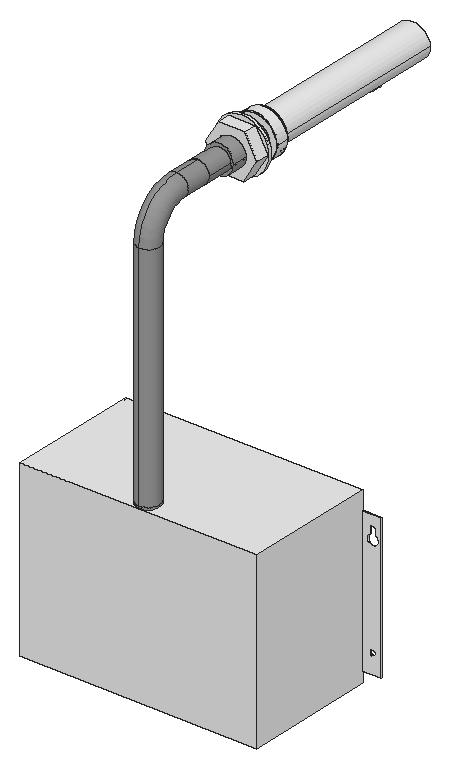
Revit family "DAN DRYER AIRTAP WALL-MOUNTED HAND DRYER TOUCH-LESS 372", category Electrical Fixtures, host Wall, Revit 2018
Family settings
  Host = Wall
  Maintain Annotation Orientation = No
  Round Connector Dimension = Use Diameter
  Part Type = Normal
  OmniClass Number = 23.80.00.00
  OmniClass Title = Electric Power and Lighting
  Always vertical = Yes
  Cut with Voids When Loaded = No
  Shared = No
  Room Calculation Point = No
Parameters (values of type "AirTap Wall-mounted 372")
  Wall_thickness [instance] = 0' - 0.59055"
  URL = "https://www.dandryer.com/en-us/products/dan-dryer-taps/372-airtap-wall-mounted-hand-dryer--touch-less"
  Satin stainless steel = DD_Satin Stainless Steel
  Red ring = DD_Red highlight
  Offset washer/nut [instance] = if(Wall_thickness < 0' 0.3937", 0' 0.3937", if(Wall_thickness > 0' 1.1811", 0' 1.1811", Wall_thickness))  # 0' - 0.59055"
  Model = "DAN DRYER AIRTAP WALL-MOUNTED HAND DRYER TOUCH-LESS 372"
  Manufacturer = "https://www.dandryer.com/"
  Height_outlet [instance] = 3' - 9.27559"
  Engine_top [instance] = Height_outlet - 0' 11.81102"  # 2' - 9.46457"
  Black = DD_Black
  Airpipe = DD_White plastic
Reference planes (in)
  plane 1: y = 0
  plane 2 "Center (Left/Right)": x = 4.92126
  plane 3 "Back": y = 0.29528
Forms (in)
  Sweep 1, solid, material "DD_White plastic" <- "Airpipe"
    path origin (4.92126, 0, 0) x (0, 1, 0) y (0, 0, 1)
      loop
        line (-5.57643, 33.55684) -> (-5.57643, 43.70079)
        arc (-5.57643, 43.70079) -> (-5.11518, 44.81434) -> (-4.00163, 45.27559) r 1.5748
        line (-4.00163, 45.27559) -> (-2.85433, 45.27559)
    profile origin (4.92126, -5.57643, 38.62881) x (0, -1, 0) y (1, 0, 0)
      loop
        circle (0, 0) r 0.49213
Lines and regions (in)
  model lines, style "InvisibleLines"
    curve 1: line (4.92126, 0.29528, 0) -> (6.49606, 0.29528, 0)
Text (in)
  text "Placement side" at (-73.51122, 43.96769, 0), in view "Ref. Level"
  text "Placement side" at (0, 50.01998, 118.18238), in view "Left"
  text "Placement side" at (0, 20.89812, 118.09787), in view "Right"
Dimensions and locks (in)
  locked: plane 3 "Back" to host wall
  "Wall_thickness": host wall to host wall
  "Engine_top": nested 1 to level
  radius of Sweep 1 sketch curve = 0' - 1.5748"
  aligned and locked: plane 1 to host wall
  aligned and locked: plane 2 "Center (Left/Right)" to nested 1
  aligned and locked: nested 1 to host wall
  aligned and locked: nested 2 to plane 2 "Center (Left/Right)"
  aligned and locked: nested 1 to Sweep 1 sketch curve
  aligned and locked: nested 2 to Sweep 1 sketch curve  (x2)
  aligned and locked: Sweep 1 sketch curve to nested 1
Automatic sketch dimensions
  Sweep 1 sketch curve to plane 2 "Center (Left/Right)" = 0' - 0"
  Sweep 1 sketch curve to profile plane = 0' - 0"
  curve 1 to level = 0' - 0"
  curve 1 to plane 2 "Center (Left/Right)" = 0' - 0"
  plane 2 "Center (Left/Right)" to curve 1 = 0' - 1.5748"
  radius of Sweep 1 sketch curve = 0' - 0.49213"
Nested families (in)
  nested 1: "Enginebox" at (4.92126, -0.29528, 30.05906) x (1, 0, 0) z (0, -1, 0), type "Enginebox"
  nested 2: "Airflow" at (4.92126, 0.29528, 45.27559) x (-1, 0, 0) z (0, 1, 0), Offset <- "Offset washer/nut", built-in parameter 1001360 <- "Height_outlet", type "Airflow"
    with Offset 0' - 0.59055"
Connectors (in)
  electrical at (9.01575, -0.29528, 30.66929)
    settings: on nested 1, index 1, voltage 230 V, apparent load 0 VA, apparent load phase1 1000 VA, apparent load phase2 0 VA, apparent load phase3 0 VA, power factor 1, load classification "Other", number of poles 1, system type 31, power factor state 1, is connector primary yes, connector utility no, sub classification motor no, connector description ""
  electrical at (9.6063, -0.68898, 25.86614)
    settings: on nested 1, index 2, voltage 230 V, apparent load 0 VA, apparent load phase1 1000 VA, apparent load phase2 0 VA, apparent load phase3 0 VA, power factor 1, load classification "Other", number of poles 1, system type 31, power factor state 1, is connector primary no, connector utility no, sub classification motor no, connector description ""
Definition of nested family "Enginebox"
  Parameters (values of type "Enginebox")
    Intake = none
    Engine_Shield = none
    Default Elevation = 4' - 0"
    Airpipe = none
  Reference planes (in)
    plane 1 "Center (Front/Back)": y = 0
    plane 2: z = 0
    plane 3 "Center (Left/Right)": x = 0
    plane 4: y = 2.06693
    plane 5: y = -2.81496
    plane 6: x = -5.68898
    plane 7: x = 5.68898
    plane 8: x = 4.09449
    plane 9: y = 0.61024
    plane 10: x = 4.09449
    plane 11: y = 0.61024
    plane 12: z = 0.3937
    plane 13: x = 4.68504
  Forms (in)
    Extrusion 1, solid
      sketch origin (0, 0, 0) x (1, 0, 0) y (0, 1, 0)
        loop
          line (-48, 48) -> (-48, -48) -> (48, -48) -> (48, 48) -> (-48, 48)
      from 0 to -12
    Extrusion 2, solid, material <- "Engine_Shield"
      sketch origin (0, 0, 0) x (1, 0, 0) y (0, 1, 0)
        loop
          line (-5.19685, 3.40551) -> (-5.19685, -4.19291) -> (5.19685, -4.19291) -> (5.19685, 3.40551) -> (-5.19685, 3.40551)
      from 0 to 5.82677
    Extrusion 3, solid, material <- "Engine_Shield"
      sketch origin (0, 0, 0) x (1, 0, 0) y (0, 1, 0)
        loop
          line (-6.02362, 2.61565) -> (-6.02362, -3.68357) -> (6.02362, -3.68357) -> (6.02362, 2.61565) -> (-6.02362, 2.61565)
        loop
          circle (-5.68898, -2.81496) r 0.11811
        loop
          arc (-5.57094, 2.07106) -> (-5.69104, 2.18502) -> (-5.80709, 2.06693) r 0.11811
          line (-5.80709, 2.06693) -> (-5.80709, 1.8362)
          arc (-5.80709, 1.8362) -> (-5.68893, 1.3954) -> (-5.57094, 1.83624) r 0.23622
          line (-5.57094, 1.83624) -> (-5.57094, 2.07106)
        loop
          arc (5.80709, 2.06693) -> (5.68898, 2.18504) -> (5.57087, 2.06693) r 0.11811
          line (5.57087, 2.06693) -> (5.57087, 1.8362)
          arc (5.57087, 1.8362) -> (5.68898, 1.3954) -> (5.80709, 1.8362) r 0.23622
          line (5.80709, 1.8362) -> (5.80709, 2.06693)
        loop
          circle (5.68898, -2.81496) r 0.11811
        loop
          circle (4.09449, 0.61024) r 0.31496
      from 0 to 0.03937
    Extrusion 4, void
      sketch origin (0, 0, 0) x (1, 0, 0) y (0, 1, 0)
        loop
          line (-5.15748, 3.36614) -> (-5.15748, -4.15354) -> (5.15748, -4.15354) -> (5.15748, 3.36614) -> (-5.15748, 3.36614)
      from 0 to 5.7874
    Extrusion 5, void
      sketch origin (0, 0, 0) x (1, 0, 0) y (0, 0, 1)
        loop
          circle (2.13723, 2.61913) r 2.3622
      from 0 to 19.68504
    Extrusion 6, solid, material <- "Intake"
      sketch origin (0, 0, 0) x (1, 0, 0) y (0, 0, 1)
        loop
          circle (2.13723, 2.61913) r 2.3622
        loop
          circle (2.13723, 2.61913) r 2.32283
      from 4.19291 to 4.54999
    Extrusion 7, void
      sketch origin (0, 0, 0) x (1, 0, 0) y (0, 0, 1)
        loop
          arc (5, 0.3937) -> (4.68504, 0.70866) -> (4.37008, 0.3937) r 0.31496
          line (4.37008, 0.3937) -> (4.37008, 0) -> (5, 0) -> (5, 0.3937)
      from 4.15354 to 4.19291
    Extrusion 8, solid
      sketch origin (0, 0, 0) x (1, 0, 0) y (0, 0, 1)
        loop
          circle (4.68504, 0.3937) r 0.31496
      from 4.15354 to 4.19291
    Extrusion 9, solid
      sketch origin (0, 0, 0) x (1, 0, 0) y (0, 1, 0)
        loop
          circle (4.09449, 0.61024) r 0.31496
      from 0 to 0.03937
    Extrusion 10, solid, material <- "Airpipe"
      sketch origin (0, 0, 0) x (1, 0, 0) y (0, 0, 1)
        loop
          circle (0, 5.28116) r 0.49213
      from -3.49778 to -3.40551
  Cuts and joins
    Extrusion 4, Extrusion 5, Extrusion 7 cuts Extrusion 2
    Extrusion 7 cuts Extrusion 3
    joined: Extrusion 2, Extrusion 3
  Dimensions and locks (in)
    aligned and locked: plane 2 to Extrusion 1
    aligned and locked: level to Extrusion 1
Definition of nested family "Airflow"
  Parameters (values of type "Airflow")
    Satin Stainless Steel = none
    Red Ring = none
    Offset [instance] = 0' - 1.1811"
    Default Elevation = 4' - 0"
    Black Rubber = none
    Black = none
    Airpipe = none
  Reference planes (in)
    plane 1 "Center (Front/Back)": y = 0
    plane 2: z = 0
    plane 3 "Center (Left/Right)": x = 0
    plane 4: z = 4.72441
    plane 5: z = 7.87402
    plane 6: z = 6.29921
    plane 7: z = 7.67717
    plane 8: z = 4.92126
    plane 9: x = 0.19685
    plane 10: x = -0.19685
    plane 11 "Start washer/nut": z = -1.1811
  Forms (in)
    Extrusion 1, solid
      sketch origin (0, 0, 0) x (1, 0, 0) y (0, 1, 0)
        loop
          line (-48, 48) -> (-48, -48) -> (48, -48) -> (48, 48) -> (-48, 48)
      from 0 to -12
    Extrusion 2, solid, material <- "Satin Stainless Steel"
      sketch origin (0, 0, 0) x (1, 0, 0) y (0, 1, 0)
        loop
          circle (0, 0) r 0.74803
      from 0 to 8.66142
    Extrusion 3, void
      sketch origin (0, 0, 0) x (1, 0, 0) y (0, 1, 0)
        loop
          circle (0, 0) r 0.68898
        loop
          circle (0, 0) r 0.62992
      from 8.58268 to 8.66142
    Extrusion 4, solid, material <- "Red Ring"
      sketch origin (0, 0, 0) x (1, 0, 0) y (0, 1, 0)
        loop
          circle (0, 0) r 0.68898
        loop
          circle (0, 0) r 0.62992
      from 8.58268 to 8.64173
    Extrusion 5, solid, material <- "Satin Stainless Steel"
      sketch origin (0, 0, 0) x (1, 0, 0) y (0, 1, 0)
        loop
          circle (0, 0) r 0.96063
      from 0 to 0.59055
    Extrusion 6, solid, material <- "Satin Stainless Steel"
      sketch origin (0, 0, 0) x (1, 0, 0) y (0, 1, 0)
        loop
          circle (0, 0) r 0.98425
        loop
          circle (0, 0) r 0.96457
      from 0 to 0.51181
    Extrusion 7, void
      sketch origin (0, 0, 0) x (1, 0, 0) y (0, 0, 1)
        loop
          arc (0.19685, 7.67717) -> (0, 7.87402) -> (-0.19685, 7.67717) r 0.19685
          line (-0.19685, 7.67717) -> (-0.19685, 6.5748) -> (-0.23556, 6.5748)
          arc (-0.23556, 6.5748) -> (-0.31954, 6.54002) -> (-0.35433, 6.45604) r 0.11877
          line (-0.35433, 6.45604) -> (-0.35433, 6.14173)
          arc (-0.35433, 6.14173) -> (-0.31974, 6.05822) -> (-0.23622, 6.02362) r 0.11811
          line (-0.23622, 6.02362) -> (-0.19685, 6.02362) -> (-0.19685, 4.92126)
          arc (-0.19685, 4.92126) -> (0, 4.72441) -> (0.19685, 4.92126) r 0.19685
          line (0.19685, 4.92126) -> (0.19685, 6.02362) -> (0.23622, 6.02362)
          arc (0.23622, 6.02362) -> (0.31974, 6.05822) -> (0.35433, 6.14173) r 0.11811
          line (0.35433, 6.14173) -> (0.35433, 6.45769)
          arc (0.35433, 6.45769) -> (0.32003, 6.5405) -> (0.23722, 6.5748) r 0.11711
          line (0.23722, 6.5748) -> (0.19685, 6.5748) -> (0.19685, 7.67717)
      from 0 to 19.68504
    Extrusion 8, solid, material <- "Black Rubber"
      sketch origin (0, 0, 0) x (1, 0, 0) y (0, 0, 1)
        loop
          line (-0.12598, 6.50394) -> (-0.23556, 6.50394)
          arc (-0.23556, 6.50394) -> (-0.26943, 6.48991) -> (-0.28346, 6.45604) r 0.0479
          line (-0.28346, 6.45604) -> (-0.28346, 6.14173)
          arc (-0.28346, 6.14173) -> (-0.26963, 6.10833) -> (-0.23622, 6.09449) r 0.04724
          line (-0.23622, 6.09449) -> (-0.12598, 6.09449) -> (-0.12598, 4.92126)
          arc (-0.12598, 4.92126) -> (0, 4.79528) -> (0.12598, 4.92126) r 0.12598
          line (0.12598, 4.92126) -> (0.12598, 6.09449) -> (0.23622, 6.09449)
          arc (0.23622, 6.09449) -> (0.26963, 6.10833) -> (0.28346, 6.14173) r 0.04724
          line (0.28346, 6.14173) -> (0.28346, 6.45769)
          arc (0.28346, 6.45769) -> (0.26992, 6.49039) -> (0.23722, 6.50394) r 0.04624
          line (0.23722, 6.50394) -> (0.12598, 6.50394) -> (0.12598, 7.67717)
          arc (0.12598, 7.67717) -> (0, 7.80315) -> (-0.12598, 7.67717) r 0.12598
          line (-0.12598, 7.67717) -> (-0.12598, 6.50394)
        loop
          arc (-0.23556, 6.55512) -> (-0.30562, 6.5261) -> (-0.33465, 6.45604) r 0.09908
          line (-0.33465, 6.45604) -> (-0.33465, 6.14173)
          arc (-0.33465, 6.14173) -> (-0.30582, 6.07214) -> (-0.23622, 6.04331) r 0.09843
          line (-0.23622, 6.04331) -> (-0.17717, 6.04331) -> (-0.17717, 4.92126)
          arc (-0.17717, 4.92126) -> (0, 4.74409) -> (0.17717, 4.92126) r 0.17717
          line (0.17717, 4.92126) -> (0.17717, 6.04331) -> (0.23622, 6.04331)
          arc (0.23622, 6.04331) -> (0.30582, 6.07214) -> (0.33465, 6.14173) r 0.09843
          line (0.33465, 6.14173) -> (0.33465, 6.45769)
          arc (0.33465, 6.45769) -> (0.30611, 6.52658) -> (0.23722, 6.55512) r 0.09742
          line (0.23722, 6.55512) -> (0.17717, 6.55512) -> (0.17717, 7.67717)
          arc (0.17717, 7.67717) -> (0, 7.85433) -> (-0.17717, 7.67717) r 0.17717
          line (-0.17717, 7.67717) -> (-0.17717, 6.55512) -> (-0.23556, 6.55512)
      from 0 to 1.9685
    Extrusion 9, void
      sketch origin (0, 0, 0) x (1, 0, 0) y (0, 1, 0)
        loop
          arc (0.62722, -0.50792) -> (0.05394, -0.80528) -> (-0.55388, -0.58703) r 0.80709
          line (-0.55388, -0.58703) -> (-0.55388, -2.08272) -> (0.62722, -2.08272) -> (0.62722, -0.50792)
      from 4.5604 to 8.17193
    Extrusion 10, solid, material <- "Black"
      sketch origin (0, 0, 0) x (1, 0, 0) y (0, 1, 0)
        loop
          circle (0, 0) r 0.62992
      from 0 to -1.9685
    Extrusion 11, solid, material <- "Satin Stainless Steel"
      sketch origin (0, 0, -1.1811) x (0, 1, 0) y (-1, 0, 0)
        loop
          circle (0, 0) r 1.1811
        loop
          circle (0, 0) r 0.62992
      from 0 to -0.11811
    Extrusion 12, solid, material <- "Satin Stainless Steel"
      sketch origin (0, 0, -1.1811) x (0, 1, 0) y (-1, 0, 0)
        loop
          line (0.98706, -0.54714) -> (0.96737, 0.58125) -> (-0.0197, 1.12839) -> (-0.98706, 0.54714) -> (-0.96737, -0.58125) -> (0.0197, -1.12839) -> (0.98706, -0.54714)
        loop
          circle (0, 0) r 0.62992
      from 0 to -0.70866
    Extrusion 13, solid, material <- "Airpipe"
      sketch origin (0, 0, 0) x (1, 0, 0) y (0, 1, 0)
        loop
          circle (0, 0) r 0.49213
      from 0 to -3.14961
  Cuts and joins
    Extrusion 3, Extrusion 7, Extrusion 9 cuts Extrusion 2
    Extrusion 9 cuts Extrusion 5
    joined: Extrusion 2, Extrusion 5
    Extrusion 9 cuts Extrusion 6
    Extrusion 9 cuts Extrusion 8
    joined: Extrusion 11, Extrusion 12
  Dimensions and locks (in)
    cut or joined group of Extrusion 2, Extrusion 3, Extrusion 5, Extrusion 7, Extrusion 9 to plane 5 = 0' - 0.7874"
    plane 5 to plane 7 = 0' - 0.19685"
    plane 8 to plane 4 = 0' - 0.19685"
    plane 9 to plane 3 "Center (Left/Right)" = 0' - 0.19685"
    plane 3 "Center (Left/Right)" to plane 10 = 0' - 0.19685"
    locked: plane 5 to plane 4 at 3.14961
    "Offset": level to plane 11 "Start washer/nut"
    aligned and locked: plane 2 to Extrusion 1
    aligned and locked: level to Extrusion 1
    aligned and locked: Extrusion 7 sketch curve to plane 9
    aligned and locked: plane 10 to Extrusion 7 sketch curve
  Automatic sketch dimensions
    Extrusion 1 sketch curve to Extrusion 1 sketch curve = 8' - 0"  (x2)
    plane 1 "Center (Front/Back)" to Extrusion 2 sketch curve = 0' - 0"
    Extrusion 2 sketch curve to plane 3 "Center (Left/Right)" = 0' - 0"
    Extrusion 3 sketch curve to Extrusion 3 sketch curve = 0' - 0"  (x2)
    plane 1 "Center (Front/Back)" to Extrusion 3 sketch curve = 0' - 0"
    Extrusion 3 sketch curve to plane 3 "Center (Left/Right)" = 0' - 0"
    Extrusion 4 sketch curve to Extrusion 4 sketch curve = 0' - 0"  (x2)
    plane 1 "Center (Front/Back)" to Extrusion 4 sketch curve = 0' - 0"
    Extrusion 4 sketch curve to plane 3 "Center (Left/Right)" = 0' - 0"
    plane 1 "Center (Front/Back)" to Extrusion 5 sketch curve = 0' - 0"
    Extrusion 5 sketch curve to plane 3 "Center (Left/Right)" = 0' - 0"
    Extrusion 6 sketch curve to Extrusion 6 sketch curve = 0' - 0"  (x2)
    plane 1 "Center (Front/Back)" to Extrusion 6 sketch curve = 0' - 0"
    Extrusion 6 sketch curve to plane 3 "Center (Left/Right)" = 0' - 0"
    Extrusion 7 sketch curve to plane 10 = 0' - 0"
    Extrusion 7 sketch curve to plane 3 "Center (Left/Right)" = 0' - 0"
    Extrusion 7 sketch curve to plane 8 = 0' - 0"
    Extrusion 7 sketch curve to plane 7 = 0' - 0"
    Extrusion 7 sketch curve to plane 10 = 0' - 0.03937"
    Extrusion 7 sketch curve to plane 10 = 0' - 0.03871"
    Extrusion 7 sketch curve to Extrusion 7 sketch curve = 0' - 0.11811"
    plane 9 to Extrusion 7 sketch curve = 0' - 0.03937"
    plane 9 to Extrusion 7 sketch curve = 0' - 0.04037"
    Extrusion 7 sketch curve to Extrusion 7 sketch curve = 0' - 0.11711"
    Extrusion 7 sketch curve to plane 6 = 0' - 0.27559"  (x2)
    plane 6 to Extrusion 7 sketch curve = 0' - 0.15682"
    plane 6 to Extrusion 7 sketch curve = 0' - 0.15848"
    Extrusion 8 sketch curve to Extrusion 8 sketch curve = 0' - 0"  (x12)
    Extrusion 8 sketch curve to plane 7 = 0' - 0"
    Extrusion 8 sketch curve to plane 8 = 0' - 0"
    Extrusion 8 sketch curve to plane 3 "Center (Left/Right)" = 0' - 0"  (x2)
    Extrusion 8 sketch curve to plane 9 = 0' - 0.01969"  (x2)
    Extrusion 8 sketch curve to plane 10 = 0' - 0.03871"
    Extrusion 8 sketch curve to plane 10 = 0' - 0.03937"
    Extrusion 8 sketch curve to Extrusion 8 sketch curve = 0' - 0.04724"  (x2)
    plane 10 to Extrusion 8 sketch curve = 0' - 0.07087"
    Extrusion 8 sketch curve to Extrusion 8 sketch curve = 0' - 0.05118"  (x3)
    plane 9 to Extrusion 8 sketch curve = 0' - 0.03937"
    plane 9 to Extrusion 8 sketch curve = 0' - 0.04037"
    Extrusion 8 sketch curve to plane 6 = 0' - 0.25591"  (x2)
    plane 6 to Extrusion 8 sketch curve = 0' - 0.15682"
    plane 6 to Extrusion 8 sketch curve = 0' - 0.15848"
    plane 1 "Center (Front/Back)" to Extrusion 9 sketch curve = 0' - 0"
    Extrusion 9 sketch curve to plane 3 "Center (Left/Right)" = 0' - 0"
    plane 9 to Extrusion 9 sketch curve = 0' - 0.43037"
    plane 1 "Center (Front/Back)" to Extrusion 9 sketch curve = 0' - 0.50792"
    Extrusion 9 sketch curve to Extrusion 9 sketch curve = 0' - 1.5748"
    Extrusion 9 sketch curve to plane 10 = 0' - 0.35703"
    plane 1 "Center (Front/Back)" to Extrusion 10 sketch curve = 0' - 0"
    Extrusion 10 sketch curve to plane 3 "Center (Left/Right)" = 0' - 0"
    plane 1 "Center (Front/Back)" to Extrusion 12 sketch curve = 0' - 0"
    Extrusion 12 sketch curve to plane 3 "Center (Left/Right)" = 0' - 0"
    plane 1 "Center (Front/Back)" to Extrusion 12 sketch curve = 0' - 0.0197"
    plane 9 to Extrusion 12 sketch curve = 0' - 0.3844"
    plane 1 "Center (Front/Back)" to Extrusion 12 sketch curve = 0' - 0.96737"
    Extrusion 12 sketch curve to plane 10 = 0' - 0.35029"
    plane 1 "Center (Front/Back)" to Extrusion 12 sketch curve = 0' - 0.98706"
    Extrusion 12 sketch curve to plane 1 "Center (Front/Back)" = 0' - 0.0197"
    Extrusion 12 sketch curve to plane 10 = 0' - 0.3844"
    Extrusion 12 sketch curve to plane 1 "Center (Front/Back)" = 0' - 0.96737"
    plane 9 to Extrusion 12 sketch curve = 0' - 0.35029"
    Extrusion 12 sketch curve to plane 1 "Center (Front/Back)" = 0' - 0.98706"
    plane 9 to Extrusion 12 sketch curve = 0' - 0.93154"
    Extrusion 12 sketch curve to plane 10 = 0' - 0.93154"
    Extrusion 11 sketch curve to Extrusion 11 sketch curve = 0' - 0"  (x2)
    plane 1 "Center (Front/Back)" to Extrusion 11 sketch curve = 0' - 0"
    Extrusion 11 sketch curve to plane 3 "Center (Left/Right)" = 0' - 0"
    plane 1 "Center (Front/Back)" to Extrusion 13 sketch curve = 0' - 0"
    Extrusion 13 sketch curve to plane 3 "Center (Left/Right)" = 0' - 0"
    radius of Extrusion 2 sketch curve = 0' - 0.74803"
    radius of Extrusion 3 sketch curve = 0' - 0.68898"
    radius of Extrusion 3 sketch curve = 0' - 0.62992"
    radius of Extrusion 4 sketch curve = 0' - 0.68898"
    radius of Extrusion 4 sketch curve = 0' - 0.62992"
    radius of Extrusion 5 sketch curve = 0' - 0.96063"
    radius of Extrusion 6 sketch curve = 0' - 0.98425"
    radius of Extrusion 6 sketch curve = 0' - 0.96457"
    radius of Extrusion 10 sketch curve = 0' - 0.62992"
    radius of Extrusion 12 sketch curve = 0' - 0.62992"
    radius of Extrusion 11 sketch curve = 0' - 1.1811"
    radius of Extrusion 11 sketch curve = 0' - 0.62992"
    radius of Extrusion 13 sketch curve = 0' - 0.49213"
